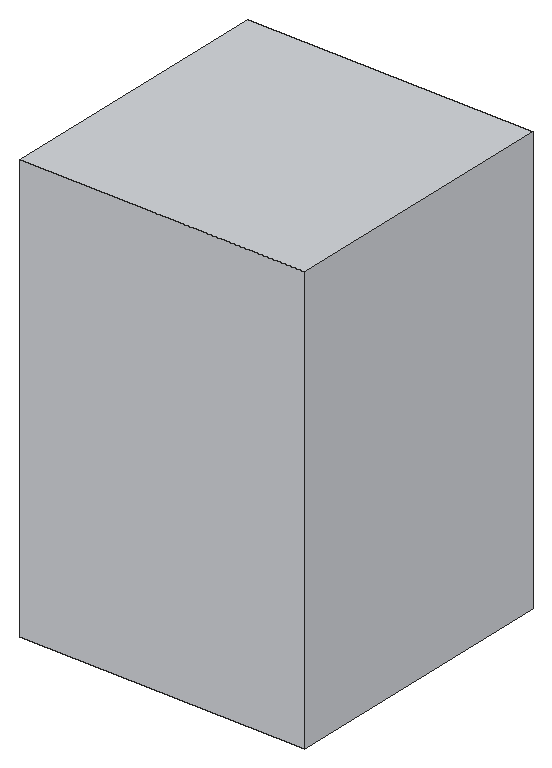
Revit family "RSC_ST_REC_OPENING", category Generic Models, host Face, Revit 2022
Family settings
  Host = Face
  Can host rebar = No
  Round Connector Dimension = Use Diameter
  Part Type = Normal
  Cut with Voids When Loaded = No
  Maintain Annotation Orientation = No
  Shared = No
  Room Calculation Point = No
Parameters (values of type "JOINED")
  h [instance] = 200 mm
  b [instance] = 200 mm
  Reff.Name [instance] = ""
  Pentration Width_shared [instance] = b  # 200 mm
  Pentration Depth [instance] = Depth  # 250 mm
  Peno. Rev [instance] = ""
  Penetration Height_shared [instance] = h  # 200 mm
  Link Name [instance] = ""
  Depth [instance] = 250 mm
  Default Elevation = 1219.2 mm
  DATE [instance] = ""
Types (7): name
  CT
  Duct
  DR
  CHW
  WS
  FP
  JOINED
Reference planes
  plane 1 "Center (Front/Back)": y = 0
  plane 2: z = 0
  plane 3 "Center (Left/Right)": x = 0
  plane 4: z = -250
Forms (mm)
  Extrusion 1, solid
    sketch origin (0, 0, 0) x (1, 0, 0) y (0, 1, 0)
      loop
        line (-100, 100) -> (-100, -100) -> (100, -100) -> (100, 100) -> (-100, 100)
    from -250 to 50
  Extrusion 2, solid
    sketch origin (0, 0, 0) x (1, 0, 0) y (0, 1, 0)
      loop
        circle (0, 0) r 0.8
    from 0 to -0.8
Lines and regions (mm)
  symbolic lines, style "InvisibleLines"
    curve 1: line (0, -15, 0) -> (0, 15, 0)
    curve 2: line (15, 0, 0) -> (-15, 0, 0)
  symbolic lines
    curve 3: line (0, 100, -250) -> (0, -100, 0)
    curve 4: line (0, -100, -250) -> (0, 100, 0)
Dimensions and locks
  Extrusion 1 to plane 4 = 300 mm
  equal spacing: Extrusion 1, plane 3 "Center (Left/Right)", Extrusion 1
  "b": Extrusion 1 to Extrusion 1
  equal spacing: Extrusion 1, plane 1 "Center (Front/Back)", Extrusion 1
  "h": Extrusion 1 to Extrusion 1
  "Depth": Extrusion 1 to host face
  locked: host face to Extrusion 1 at 50
  aligned and locked: plane 2 to host face
  aligned and locked: level to host face
  aligned and locked: plane 3 "Center (Left/Right)" to curve 1
  aligned and locked: curve 2 to plane 1 "Center (Front/Back)"
  aligned and locked: host face to curve 3
Automatic sketch dimensions
  host sketch curve to host sketch curve = 2438.4 mm  (x2)
  curve 2 to plane 3 "Center (Left/Right)" = 15 mm
  plane 3 "Center (Left/Right)" to curve 2 = 15 mm
  plane 1 "Center (Front/Back)" to curve 1 = 15 mm
  curve 1 to plane 1 "Center (Front/Back)" = 15 mm
  curve 4 to plane 4 = 0 mm
  curve 4 to level = 0 mm
  curve 3 to plane 4 = 0 mm
  plane 1 "Center (Front/Back)" to Extrusion 2 sketch curve = 0 mm
  Extrusion 2 sketch curve to plane 3 "Center (Left/Right)" = 0 mm
  plane 3 "Center (Left/Right)" to Extrusion 1 sketch curve = 100 mm
  Extrusion 1 sketch curve to plane 3 "Center (Left/Right)" = 100 mm
  curve 4 to plane 1 "Center (Front/Back)" = 100 mm
  curve 3 to plane 1 "Center (Front/Back)" = 100 mm
  Extrusion 1 sketch curve to plane 1 "Center (Front/Back)" = 100 mm
  plane 1 "Center (Front/Back)" to curve 4 = 100 mm
  plane 1 "Center (Front/Back)" to curve 3 = 100 mm
  plane 1 "Center (Front/Back)" to Extrusion 1 sketch curve = 100 mm
  radius of Extrusion 2 sketch curve = 0.8 mm
